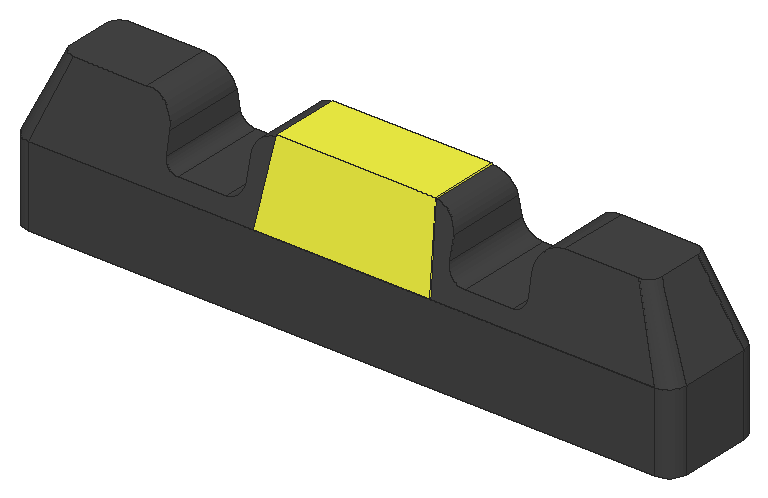
Revit family
Parameters
  폭 = 750 mm
  하부 = 주차장 범프(1)
  높이 = 180 mm
  깊이 = 120 mm
  위 = 주차장 범프(2)
Reference planes
  plane 1 "중심(앞/뒤)": y = 0
  plane 2: z = 0
  plane 3 "중심(왼쪽/오른쪽)": x = 0
  plane 4: y = 60
  plane 5: y = -60
  plane 6: x = -375
  plane 7: x = 375
  plane 8: z = 90
  plane 9: z = 180
  plane 10: x = -335
  plane 11: x = 335
  plane 12: y = 40
  plane 13: y = -40
  plane 14: x = -100
  plane 15: x = 100
  plane 16: x = 90
  plane 17: x = -90
  plane 18: z = 181
Forms (mm)
  Extrusion 1, solid, material "주차장 범프(1)" <- "하부"
    sketch origin (0, 0, 0) x (1, 0, 0) y (0, 1, 0)
      loop
        arc (-355, 60) -> (-369.142, 54.142) -> (-375, 40) r 20
        line (-375, 40) -> (-375, -40)
        arc (-375, -40) -> (-369.142, -54.142) -> (-355, -60) r 20
        line (-355, -60) -> (355, -60)
        arc (355, -60) -> (369.142, -54.142) -> (375, -40) r 20
        line (375, -40) -> (375, 40)
        arc (375, 40) -> (369.142, 54.142) -> (355, 60) r 20
        line (355, 60) -> (-355, 60)
    from 0 to 90
  Blend 2, solid, material "주차장 범프(1)" <- "하부"
    base sketch origin (0, 0, 0) x (1, 0, 0) y (0, 1, 0)
      loop
        arc (-355, 60) -> (-369.142, 54.142) -> (-375, 40) r 20
        line (-375, 40) -> (-375, -40)
        arc (-375, -40) -> (-369.142, -54.142) -> (-355, -60) r 20
        line (-355, -60) -> (355, -60)
        arc (355, -60) -> (369.142, -54.142) -> (375, -40) r 20
        line (375, -40) -> (375, 40)
        arc (375, 40) -> (369.142, 54.142) -> (355, 60) r 20
        line (355, 60) -> (-355, 60)
    top sketch origin (0, 0, 0) x (1, 0, 0) y (0, 1, 0)
      loop
        arc (-320, 40) -> (-330.607, 35.607) -> (-335, 25) r 15
        line (-335, 25) -> (-335, -25)
        arc (-335, -25) -> (-330.607, -35.607) -> (-320, -40) r 15
        line (-320, -40) -> (320, -40)
        arc (320, -40) -> (330.607, -35.607) -> (335, -25) r 15
        line (335, -25) -> (335, 25)
        arc (335, 25) -> (330.607, 35.607) -> (320, 40) r 15
        line (320, 40) -> (-320, 40)
    from 90 to 180
  Extrusion 3, void
    sketch origin (0, 0, 0) x (1, 0, 0) y (0, 0, 1)
      loop
        arc (205, 148.1) -> (214.343, 170.657) -> (236.9, 180) r 31.9
        line (236.9, 180) -> (88.573, 180)
        arc (88.573, 180) -> (107.26, 172.26) -> (115, 153.573) r 26.427
        line (115, 153.573) -> (115, 130.473)
        arc (115, 130.473) -> (120.996, 115.996) -> (135.473, 110) r 20.473
        line (135.473, 110) -> (190, 110)
        arc (190, 110) -> (200.607, 114.393) -> (205, 125) r 15
        line (205, 125) -> (205, 148.1)
      loop
        line (-205, 148.1) -> (-205, 125)
        arc (-205, 125) -> (-200.607, 114.393) -> (-190, 110) r 15
        line (-190, 110) -> (-135.473, 110)
        arc (-135.473, 110) -> (-120.996, 115.996) -> (-115, 130.473) r 20.473
        line (-115, 130.473) -> (-115, 153.573)
        arc (-115, 153.573) -> (-107.26, 172.26) -> (-88.573, 180) r 26.427
        line (-88.573, 180) -> (-236.9, 180)
        arc (-236.9, 180) -> (-214.343, 170.657) -> (-205, 148.1) r 31.9
    from -60 to 60
  Blend 4, solid, material "주차장 범프(2)" <- "위"
    base sketch origin (0, 0, 0) x (1, 0, 0) y (0, 1, 0)
      loop
        line (-100, 60) -> (-100, -60) -> (100, -60) -> (100, 60) -> (-100, 60)
    top sketch origin (0, 0, 0) x (1, 0, 0) y (0, 1, 0)
      loop
        line (-90, -40) -> (90, -40) -> (90, 40) -> (-90, 40) -> (-90, -40)
    from 90 to 181
Cuts and joins
  Extrusion 3 cuts Blend 2
Dimensions and locks
  equal spacing: plane 4, plane 1 "중심(앞/뒤)", plane 5
  equal spacing: plane 6, plane 3 "중심(왼쪽/오른쪽)", plane 7
  "폭": plane 6 to plane 7
  "깊이": plane 4 to plane 5
  locked: plane 8 to plane 2 at 90
  "높이": plane 9 to plane 2
  locked: plane 6 to plane 10 at 40
  locked: plane 11 to plane 7 at 40
  locked: plane 4 to plane 12 at 20
  locked: plane 13 to plane 5 at 20
  locked: Extrusion 3 sketch curve to Extrusion 3 sketch curve at 90  (x2)
  locked: Extrusion 3 sketch curve to Extrusion 3 sketch curve at 70  (x2)
  locked: Extrusion 3 sketch curve to plane 7 at 170
  locked: Extrusion 3 sketch curve to plane 6 at 170
  locked: plane 6 to plane 14 at 275
  locked: plane 15 to plane 7 at 275
  locked: plane 16 to plane 15 at 10
  locked: plane 14 to plane 17 at 10
  locked: plane 18 to plane 9 at 1
  aligned and locked: Extrusion 1 to plane 2
  aligned and locked: plane 8 to Extrusion 1
  aligned and locked: Blend 2 sketch curve to plane 4
  aligned and locked: Blend 2 sketch curve to plane 7
  aligned and locked: Blend 2 sketch curve to plane 11
  aligned and locked: plane 12 to Blend 2 sketch curve
  aligned and locked: Blend 2 sketch curve to plane 13
  aligned and locked: plane 10 to Blend 2 sketch curve
  aligned and locked: Blend 2 to plane 8
  aligned and locked: plane 9 to Blend 2
  aligned and locked: Extrusion 3 sketch curve to plane 9
  aligned and locked: plane 4 to Extrusion 3
  aligned and locked: Extrusion 3 to plane 5
  aligned and locked: plane 14 to Blend 4 sketch curve
  aligned and locked: Blend 4 sketch curve to plane 4
  aligned and locked: plane 5 to Blend 4 sketch curve
  aligned and locked: Blend 4 sketch curve to plane 15
  aligned and locked: Blend 4 sketch curve to plane 17
  aligned and locked: plane 13 to Blend 4 sketch curve
  aligned and locked: Blend 4 sketch curve to plane 12
  aligned and locked: plane 16 to Blend 4 sketch curve
  aligned and locked: Blend 4 to plane 8
  aligned and locked: Blend 4 to plane 18
Automatic sketch dimensions
  Extrusion 1 sketch curve to plane 6 = 0 mm
  Extrusion 1 sketch curve to plane 5 = 0 mm
  Extrusion 1 sketch curve to plane 4 = 0 mm
  Extrusion 1 sketch curve to plane 7 = 0 mm
  plane 6 to Extrusion 1 sketch curve = 20 mm  (x2)
  Extrusion 1 sketch curve to plane 7 = 20 mm  (x2)
  Blend 2 sketch curve to plane 6 = 0 mm
  Blend 2 sketch curve to plane 5 = 0 mm
  plane 6 to Blend 2 sketch curve = 20 mm  (x2)
  Blend 2 sketch curve to plane 7 = 20 mm  (x2)
  plane 10 to Blend 2 sketch curve = 15 mm  (x2)
  Blend 2 sketch curve to plane 11 = 15 mm  (x2)
  Extrusion 3 sketch curve to plane 9 = 0 mm
  Extrusion 3 sketch curve to Extrusion 3 sketch curve = 26.427 mm
  Extrusion 3 sketch curve to plane 9 = 26.427 mm
  Extrusion 3 sketch curve to Extrusion 3 sketch curve = 20.473 mm  (x2)
  Extrusion 3 sketch curve to Extrusion 3 sketch curve = 15 mm  (x2)
  Extrusion 3 sketch curve to Extrusion 3 sketch curve = 31.9 mm  (x2)
